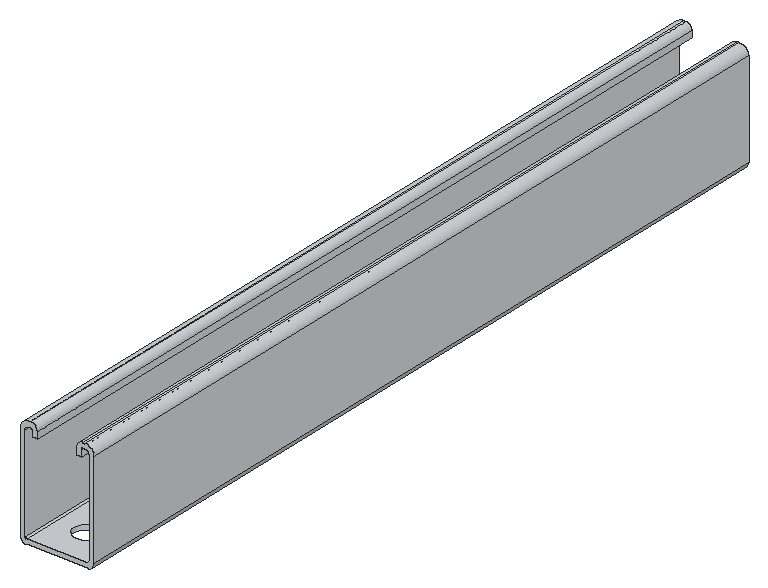
Revit family "Channel-Unistrut-P5500_HS", category Specialty Equipment, Revit 2012
Parameters (values of type "P5500 HS")
  ecoScorecard_data = ""
  ecoScorecard Product Page = ""
  Weight Per Foot = 2.42 lbf/ft
  Unit = none
  URL = "http://unistrut.us/index.php"
  Subcategory = "1 5/8\" Channels"
  Product Page URL = "http://unistrut.us/index.php?WP=cat_detail&S=S05&P=P5500hs"
  Power Strut Part Number = "PS 200 KO6"  # constant formula
  Part Type = "Channel"  # constant formula
  Part Number = ""
  Overall Width = 1 5/8"  # constant formula
  Overall Height = 2 7/16"  # constant formula
  Model = "P5500 HS"  # constant formula
  Material = "Multiple Options - See Catalog"
  Manufacturer Toll Free Phone = "800-882-5543"  # constant formula
  Manufacturer Phone = "708-339-1610"  # constant formula
  Manufacturer Fax = "708-339-7814"  # constant formula
  Manufacturer Email = "mailto:questions@atkore.com"
  Manufacturer Address = "16100 South Lathrop Avenue, Harvey, IL 60426"  # constant formula
  Manufacturer = "Unistrut by Atkore International"  # constant formula
  Load Capacity Note = "Visit the product page for load application and capacity."  # constant formula
  Literature URL = "http://unistrut.us/index.php?WP=LItLibrary"
  Length [instance] = 18"
  Hole Spacing On Center Dimension = 1 7/8"
  Hole Spacing From End Dimension = 13/16"
  Gauge Thickness = "12 Gauge (.105”)"  # constant formula
  Description = "P5500 HS Channel"  # constant formula
  Cost Info = "mailto:questions@atkore.com"
  Construction Note = "9⁄16\" Dia. Holes @ 1 7⁄8\" on Center"
  Category = "Specialty Equipment"  # constant formula
  CSI MasterSpec = "http://www.unistrut.us/a_files/TechRef/Unistrut_CSI_05430.pdf"
  CAD URL = "http://unistrut.us/index.php?WP=CAD3d"
  Assembly Code = "D5020100"
  95 CSI = "16070"  # constant formula
  04 CSI = "26 05 48"  # constant formula
Reference planes (in)
  plane 1 "Center (Front/Back)": y = 0
  plane 2: z = 0
  plane 3 "Center (Left/Right)": x = 0
  plane 4: z = 2.4375
  plane 5: y = 9
  plane 6: x = -0.8125
  plane 7: y = -9
  plane 8: x = 0.8125
  plane 9: y = -8.1875
  plane 10: y = -6.3125
Dimensions and locks (in)
  "Overall Height": plane 4 to level
  equal spacing: plane 6, plane 3 "Center (Left/Right)", plane 8
  "Overall Width": plane 6 to plane 8
  equal spacing: plane 5, plane 1 "Center (Front/Back)", plane 7
  "Length": plane 5 to plane 7
  "Hole Spacing From End Dimension": plane 7 to plane 9
  "Hole Spacing On Center Dimension": plane 10 to plane 9
  aligned and locked: level to plane 2
  aligned and locked: plane 1 "Center (Front/Back)" to nested 1
  aligned and locked: plane 3 "Center (Left/Right)" to nested 1
Nested families (in)
  nested 1: "P5500 HS Channel" at (0, 0, 0), Length <- "Length", Knockouts Spacing On Center <- "Hole Spacing On Center Dimension", Knockouts Spacing From End <- "Hole Spacing From End Dimension", type "P5500 HS Channel"
    with Length 18", Knockouts Spacing On Center 1 7/8", Knockouts Spacing From End 13/16", # Of Array 9
Definition of nested family "P5500 HS Channel"
  Parameters (values of type "P5500 HS Channel")
    Width = 1 5/8"  # constant formula
    Unit = none
    Length [instance] = 12"
    Knockouts Spacing On Center [instance] = 1 7/8"
    Knockouts Spacing From End [instance] = 13/16"
    Hole Radius = 9/32"
    Height = 2 7/16"  # constant formula
    # Of Array [instance] = (Length - Knockouts Spacing From End * 2) / Knockouts Spacing On Center  # 6
  Reference planes (in)
    plane 1 "Center (Front/Back)": y = 0
    plane 2: z = 0
    plane 3 "Center (Left/Right)": x = 0
    plane 4: z = 2.4375
    plane 5: x = -0.8125
    plane 6: x = 0.8125
    plane 7: y = 6
    plane 8: y = -6
    plane 9: x = 0.4375
    plane 10: x = -0.4375
    plane 11: z = 2.15625
    plane 12: y = -5.1875
    plane 13: y = -3.3125
    plane 14: z = 0.105
  Forms (in)
    Sweep 1, solid, material <- "Unit", detail levels fine
      path origin (0, 0, 0) x (1, 0, 0) y (0, 1, 0)
        loop
          line (0, 6) -> (0, -6)
      profile origin (0, 0, 0) x (1, 0, 0) y (0, 0, 1)
        loop
          line (0.8125, 0.13625) -> (0.8125, 2.23875)
          arc (0.8125, 2.23875) -> (0.75429, 2.37929) -> (0.61375, 2.4375) r 0.19875
          line (0.61375, 2.4375) -> (0.57375, 2.4375)
          arc (0.57375, 2.4375) -> (0.47741, 2.39759) -> (0.4375, 2.30125) r 0.13625
          line (0.4375, 2.30125) -> (0.4375, 2.1565) -> (0.5425, 2.1565) -> (0.5425, 2.30125)
          arc (0.5425, 2.30125) -> (0.55165, 2.32335) -> (0.57375, 2.3325) r 0.03125
          line (0.57375, 2.3325) -> (0.61375, 2.3325)
          arc (0.61375, 2.3325) -> (0.68004, 2.30504) -> (0.7075, 2.23875) r 0.09375
          line (0.7075, 2.23875) -> (0.7075, 0.13625)
          arc (0.7075, 0.13625) -> (0.69835, 0.11415) -> (0.67625, 0.105) r 0.03125
          line (0.67625, 0.105) -> (-0.67625, 0.105)
          arc (-0.67625, 0.105) -> (-0.69835, 0.11415) -> (-0.7075, 0.13625) r 0.03125
          line (-0.7075, 0.13625) -> (-0.7075, 2.23875)
          arc (-0.7075, 2.23875) -> (-0.68004, 2.30504) -> (-0.61375, 2.3325) r 0.09375
          line (-0.61375, 2.3325) -> (-0.57375, 2.3325)
          arc (-0.57375, 2.3325) -> (-0.55165, 2.32335) -> (-0.5425, 2.30125) r 0.03125
          line (-0.5425, 2.30125) -> (-0.5425, 2.1565) -> (-0.4375, 2.1565) -> (-0.4375, 2.30125)
          arc (-0.4375, 2.30125) -> (-0.47741, 2.39759) -> (-0.57375, 2.4375) r 0.13625
          line (-0.57375, 2.4375) -> (-0.61375, 2.4375)
          arc (-0.61375, 2.4375) -> (-0.75429, 2.37929) -> (-0.8125, 2.23875) r 0.19875
          line (-0.8125, 2.23875) -> (-0.8125, 0.13625)
          arc (-0.8125, 0.13625) -> (-0.77259, 0.03991) -> (-0.67625, 0) r 0.13625
          line (-0.67625, 0) -> (0.67625, 0)
          arc (0.67625, 0) -> (0.77259, 0.03991) -> (0.8125, 0.13625) r 0.13625
    Extrusion 2, void
      sketch origin (-0.67625, -180, 0.105) x (0, -1, 0) y (-1, 0, 0)
        loop
          circle (-174.8125, -0.67625) r 0.28125
      from 0 to 0.105
    Extrusion 3, void
      sketch origin (-0.67625, -178.125, 0.105) x (0, -1, 0) y (-1, 0, 0)
        loop
          circle (-174.8125, -0.67625) r 0.28125
      from 0 to 0.105
    Extrusion 4, void
      sketch origin (-0.67625, -176.25, 0.105) x (0, -1, 0) y (-1, 0, 0)
        loop
          circle (-174.8125, -0.67625) r 0.28125
      from 0 to 0.105
    Extrusion 5, void
      sketch origin (-0.67625, -174.375, 0.105) x (0, -1, 0) y (-1, 0, 0)
        loop
          circle (-174.8125, -0.67625) r 0.28125
      from 0 to 0.105
    Extrusion 6, void
      sketch origin (-0.67625, -172.5, 0.105) x (0, -1, 0) y (-1, 0, 0)
        loop
          circle (-174.8125, -0.67625) r 0.28125
      from 0 to 0.105
    Extrusion 7, void
      sketch origin (-0.67625, -170.625, 0.105) x (0, -1, 0) y (-1, 0, 0)
        loop
          circle (-174.8125, -0.67625) r 0.28125
      from 0 to 0.105
  Cuts and joins
    Extrusion 2, Extrusion 3, Extrusion 4, Extrusion 5, Extrusion 6, Extrusion 7 cuts Sweep 1
  Lines and regions (in)
    symbolic lines, style "Channel", detail levels fine
      curve 1: line (-0.8125, 6, 0.105) -> (0.8125, 6, 0.105)
      curve 2: line (0.8125, 6, 0.105) -> (0.8125, -6, 0.105)
      curve 3: line (0.4375, 6, 0.105) -> (0.4375, -6, 0.105)
      curve 4: line (-0.4375, 6, 0.105) -> (-0.4375, -6, 0.105)
      curve 5: line (-0.8125, 6, 0.105) -> (-0.8125, -6, 0.105)
      curve 6: line (-0.8125, -6, 0.105) -> (0.8125, -6, 0.105)
  Dimensions and locks (in)
    "Height": plane 4 to level
    equal spacing: plane 6, plane 3 "Center (Left/Right)", plane 5
    "Width": plane 6 to plane 5
    equal spacing: plane 7, plane 1 "Center (Front/Back)", plane 8
    "Length": plane 7 to plane 8
    locked: plane 6 to plane 9 at 0.375
    locked: plane 5 to plane 10 at 0.375
    locked: plane 4 to plane 11 at 0.28125
    "Knockouts Spacing From End": plane 8 to plane 12
    "Knockouts Spacing On Center": plane 13 to plane 12
    locked: plane 14 to level at 0.105
    equal spacing: group 1, group 2, group 3, group 4, group 5, group 6  (x3)
    aligned and locked: plane 2 to level
    aligned and locked: plane 7 to Sweep 1 sketch curve
    aligned and locked: plane 8 to Sweep 1 sketch curve
    aligned and locked: Sweep 1 sketch curve to plane 3 "Center (Left/Right)"
    aligned and locked: nested 1 to plane 12
    aligned and locked: plane 3 "Center (Left/Right)" to nested 1
    aligned and locked: nested 1 to plane 14
    aligned and locked: nested 2 to plane 13
    aligned and locked: plane 3 "Center (Left/Right)" to nested 2
    aligned and locked: Extrusion 2 to level
    aligned and locked: Sweep 1 to Extrusion 2
    aligned and locked: curve 1 to plane 7
    aligned and locked: curve 2 to plane 6
    aligned and locked: curve 3 to plane 9
    aligned and locked: plane 10 to curve 4
    aligned and locked: plane 8 to curve 6
    aligned and locked: plane 1 "Center (Front/Back)" to nested 7
    aligned and locked: plane 3 "Center (Left/Right)" to nested 7
    aligned and locked: nested 7 to level
  Automatic sketch dimensions
    Sweep 1 sketch curve to Sweep 1 sketch curve = 0"  (x13)
    Sweep 1 sketch curve to level = 0"
    level to Sweep 1 sketch curve = 0.13625"
    profile plane to Sweep 1 sketch curve = 13/16"
    Sweep 1 sketch curve to Sweep 1 sketch curve = 1/32"  (x3)
    Sweep 1 sketch curve to Sweep 1 sketch curve = 3/32"
    Sweep 1 sketch curve to Sweep 1 sketch curve = 0.04"  (x2)
    Sweep 1 sketch curve to Sweep 1 sketch curve = 0.07125"
    Sweep 1 sketch curve to profile plane = 7/16"
    Sweep 1 sketch curve to profile plane = 0.67625"
    Sweep 1 sketch curve to Sweep 1 sketch curve = 2.02025"
    Sweep 1 sketch curve to Sweep 1 sketch curve = 0.08225"  (x2)
    curve 5 to plane 5 = 0"
    radius of Extrusion 7 sketch curve = 9/32"
    radius of Extrusion 2 sketch curve = 9/32"
    radius of Extrusion 3 sketch curve = 9/32"
    radius of Extrusion 4 sketch curve = 9/32"
    radius of Extrusion 5 sketch curve = 9/32"
    radius of Extrusion 6 sketch curve = 9/32"
  Nested families (in)
    nested 1: "Model Line" at (0, -5.1875, 0.105), type "Model Line", detail levels fine
    nested 2: "Model Line" at (0, -3.3125, 0.105), type "Model Line", detail levels fine
    nested 3: "Model Line" at (0, -1.4375, 0.105), type "Model Line", detail levels fine
    nested 4: "Model Line" at (0, 0.4375, 0.105), type "Model Line", detail levels fine
    nested 5: "Model Line" at (0, 2.3125, 0.105), type "Model Line", detail levels fine
    nested 6: "Model Line" at (0, 4.1875, 0.105), type "Model Line", detail levels fine
    nested 7: "P5500 HS_Detail" at (0, 0, 0), type "P5000 HS_Detail"
  Definition of nested family "Model Line"
    Parameters (values of type "Model Line")
      Hole Radius = 9/32"
    Reference planes (in)
      plane 1 "Center (Front/Back)": y = 0
      plane 2: z = 0
      plane 3 "Center (Left/Right)": x = 0
    Lines and regions (in)
      model lines, style "Channel"
        curve 1: circle (0, 0, 0) r 0.28125 normal (0, 0, 1)
    Dimensions and locks (in)
      "Hole Radius": radius of curve 1
      radius of curve 1 = 9/32"
      aligned and locked: plane 2 to level
      aligned and locked: plane 3 "Center (Left/Right)" to curve 1
      aligned and locked: plane 1 "Center (Front/Back)" to curve 1
  Definition of nested family "P5500 HS_Detail"
    Parameters (values of type "P5000 HS_Detail")
      Unit = none
      Length = 12"
      Height = 2 7/16"  # constant formula
      Depth = 1 5/8"  # constant formula
    Reference planes (in)
      plane 1 "Center (Front/Back)": y = 0
      plane 2: z = 0
      plane 3 "Center (Left/Right)": x = 0
      plane 4: y = 6
      plane 5: y = -6
      plane 6: x = -0.8125
      plane 7: x = 0.8125
      plane 8: z = 2.4375
    Forms (in)
      Sweep 1, solid, material <- "Unit", detail levels coarse+medium
        path origin (0, 0, 0) x (1, 0, 0) y (0, 1, 0)
          loop
            line (0, 6) -> (0, -6)
        profile origin (0, 0, 0) x (1, 0, 0) y (0, 0, 1)
          loop
            line (0.8125, 2.4375) -> (-0.8125, 2.4375) -> (-0.8125, 0) -> (0.8125, 0) -> (0.8125, 2.4375)
    Lines and regions (in)
      symbolic lines, style "Channel", detail levels coarse+medium
        curve 1: line (-0.8125, 6, 0) -> (0.8125, 6, 0)
        curve 2: line (0.8125, 6, 0) -> (0.8125, -6, 0)
        curve 3: line (-0.8125, 6, 0) -> (-0.8125, -6, 0)
        curve 4: line (-0.8125, -6, 0) -> (0.8125, -6, 0)
    Dimensions and locks (in)
      equal spacing: plane 6, plane 3 "Center (Left/Right)", plane 7
      "Depth": plane 6 to plane 7
      equal spacing: plane 4, plane 1 "Center (Front/Back)", plane 5
      "Length": plane 4 to plane 5
      "Height": plane 8 to level
      aligned and locked: plane 2 to level
      aligned and locked: plane 5 to Sweep 1 sketch curve
      aligned and locked: plane 4 to Sweep 1 sketch curve
      aligned and locked: Sweep 1 sketch curve to plane 3 "Center (Left/Right)"
      aligned and locked: Sweep 1 sketch curve to plane 7
      aligned and locked: Sweep 1 sketch curve to plane 8
      aligned and locked: Sweep 1 sketch curve to plane 6
      aligned and locked: Sweep 1 sketch curve to level
      aligned and locked: curve 1 to plane 4
      aligned and locked: curve 2 to plane 7
      aligned and locked: curve 3 to plane 6
      aligned and locked: curve 4 to plane 5
